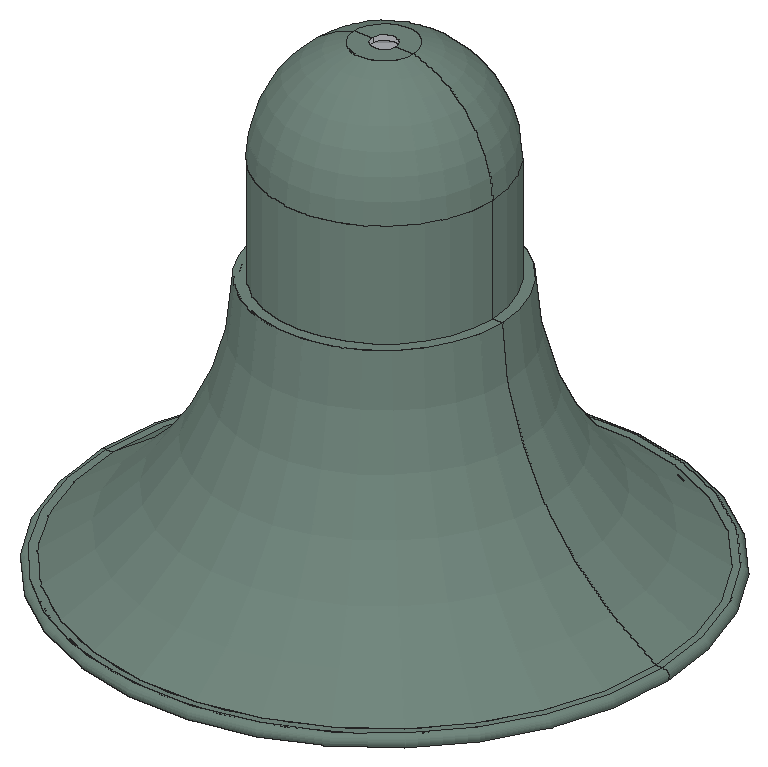
Revit family "DC12 SHADE", category Lighting Fixtures, Revit 2024
Family settings
  Round Connector Dimension = Use Diameter
  Part Type = Normal
  OmniClass Number = 23.80.70.00
  OmniClass Title = Lighting
  Work Plane-Based = No
  Always vertical = Yes
  Cut with Voids When Loaded = No
  Light Source = Yes
  Maintain Annotation Orientation = No
  Shared = No
  Room Calculation Point = No
Parameters
  Wattage = 12.1178 W
  built-in parameter 1150110 = 1 (stored number, unit not read)
  built-in parameter 1114217 = 1 (stored number, unit not read)
  built-in parameter 1150109 = 1 (stored number, unit not read)
  built-in parameter 1150134 = (empty or 0)
  built-in parameter 1150113 = 1 (stored number, unit not read)
  Lumens = 1800 lm
  built-in parameter 1150115 = 1 (stored number, unit not read)
  built-in parameter 1150105 = 572.96 (stored number, unit not read)
  Light Source Symbol Size = 2' - 0"
  built-in parameter 1150137 = (empty or 0)
  built-in parameter 1150139 = (empty or 0)
  built-in parameter 1150112 = 1 (stored number, unit not read)
  built-in parameter 1150114 = 1 (stored number, unit not read)
  built-in parameter 1150132 = 2
  built-in parameter 1150102 = (empty or 0)
  built-in parameter 1150138 = (empty or 0)
  built-in parameter 1150107 = 3000 (stored number, unit not read)
  built-in parameter 1150106 = 5.7296 (stored number, unit not read)
  built-in parameter 1150104 = 13.8 (stored number, unit not read)
  Dimming Lamp Color Temperature Shift = (empty or 0)
  Default Elevation = 0' - 0"
  Color Filter = 16777215
  built-in parameter 1114218 = 1 (stored number, unit not read)
  built-in parameter 1150133 = 10 (stored number, unit not read)
Reference planes (in)
  plane 1 "Light Source Axis (F/B)": y = 0
  plane 2: z = 0
  plane 3 "Light Source Axis (L/R)": x = 0
  plane 4 "Light Source Elevation": z = 84
Forms (in)
  Revolve 1, solid
    sketch origin (0, 0, 0) x (1, 0, 0) y (0, 0, 1)
      loop
        line (-0.25, 94) -> (-0.625, 94)
        arc (-0.625, 94) -> (-1.81981, 93.18091) -> (-2.28, 91.80734) r 2.28
        line (-2.28, 91.80734) -> (-2.28, 89.58734) -> (-2.5, 89.58734)
        arc (-2.5, 89.58734) -> (-3.39289, 86.48435) -> (-5.72386, 84.25) r 6.20556
        line (-5.72386, 84.25) -> (-5.875, 84.25)
        arc (-5.875, 84.25) -> (-5.96184, 84.03509) -> (-5.75008, 84.12935) r 0.125
        arc (-5.75008, 84.12935) -> (-3.3579, 86.36209) -> (-2.4085, 89.49359) r 6.29931
        line (-2.4085, 89.49359) -> (-2.18625, 89.49359) -> (-2.18625, 91.80734)
        arc (-2.18625, 91.80734) -> (-1.74888, 93.11925) -> (-0.61176, 93.90625) r 2.18625
        line (-0.61176, 93.90625) -> (-0.25, 93.90625) -> (-0.25, 94)
      axis (0, 94) -> (0, 84.12935)
    angle from 0 to 360
Dimensions and locks (in)
  aligned and locked: plane 3 "Light Source Axis (L/R)" to imposter light
  aligned and locked: plane 1 "Light Source Axis (F/B)" to imposter light
  aligned and locked: plane 4 "Light Source Elevation" to imposter light
  aligned and locked: level to plane 2
